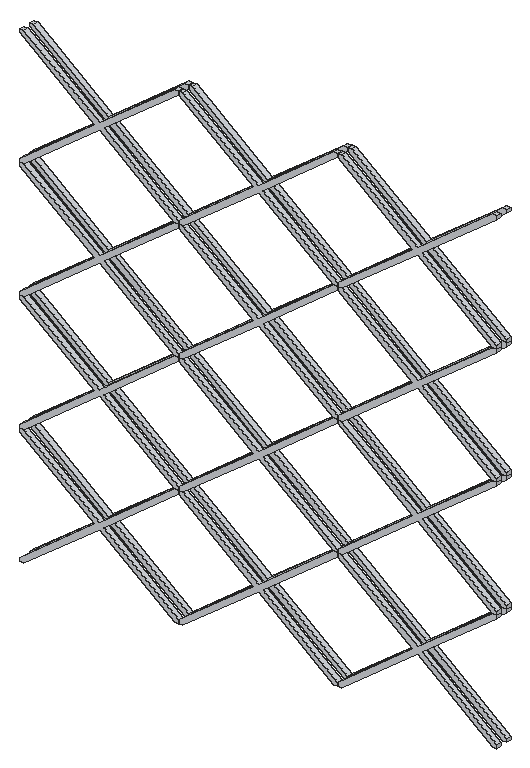
Revit family "7356f2d37eae4a7a83c2f3aff6fb93e5", category Generic Models, Revit 2021
Family settings
  Can host rebar = No
  Round Connector Dimension = Use Diameter
  Part Type = Normal
  Work Plane-Based = No
  Always vertical = Yes
  Cut with Voids When Loaded = No
  Shared = Yes
  Room Calculation Point = No
Parameters
  Width [instance] = 4' - 0"
  Thickness = 0' - 0 1/2"
  Height [instance] = 4' - 0"
  Interior Material [instance] = none
  Exterior Material [instance] = none
  Distance = 0' - 0 3/4"
  Default Elevation = 0' - 0"
Reference planes (in)
  plane 1 "Center (Front/Back)": y = 0
  plane 2: z = 0
  plane 3 "Center (Left/Right)": x = 0
  plane 4: z = 48
  plane 5: x = -24
  plane 6: x = 24
  plane 7: z = 24
  plane 8: x = -8
  plane 9: x = 8
  plane 10: z = 36
  plane 11: z = 12
Dimensions and locks (in)
  equal spacing: plane 6, plane 3 "Center (Left/Right)", plane 5
  "Width": plane 6 to plane 5
  "Height": plane 4 to plane 2
  equal spacing: plane 6, plane 9, plane 8, plane 5
  equal spacing: plane 4, plane 10, plane 7, plane 11, plane 2
  aligned and locked: plane 2 to level
  aligned and locked: plane 1 "Center (Front/Back)" to nested 1
  aligned and locked: plane 1 "Center (Front/Back)" to nested 2
  aligned and locked: plane 1 "Center (Front/Back)" to nested 3
  aligned and locked: plane 8 to nested 3
  aligned and locked: plane 8 to nested 2
  aligned and locked: plane 8 to nested 1
  aligned and locked: plane 5 to nested 1
  aligned and locked: plane 2 to nested 3
  aligned and locked: plane 11 to nested 3
  aligned and locked: plane 5 to nested 3
  aligned and locked: plane 11 to nested 2
  aligned and locked: plane 7 to nested 2
  aligned and locked: plane 5 to nested 2
  aligned and locked: plane 7 to nested 1
  aligned and locked: plane 10 to nested 1
  aligned and locked: plane 8 to nested 4
  aligned and locked: plane 10 to nested 4
  aligned and locked: plane 5 to nested 4
  aligned and locked: plane 4 to nested 4
  aligned and locked: plane 1 "Center (Front/Back)" to nested 4
  aligned and locked: plane 1 "Center (Front/Back)" to nested 8
  aligned and locked: plane 1 "Center (Front/Back)" to nested 12
  aligned and locked: plane 1 "Center (Front/Back)" to nested 5
  aligned and locked: plane 1 "Center (Front/Back)" to nested 9
  aligned and locked: plane 1 "Center (Front/Back)" to nested 6
  aligned and locked: plane 1 "Center (Front/Back)" to nested 10
  aligned and locked: plane 1 "Center (Front/Back)" to nested 7
  aligned and locked: plane 1 "Center (Front/Back)" to nested 11
  aligned and locked: plane 8 to nested 7
  aligned and locked: plane 8 to nested 6
  aligned and locked: plane 8 to nested 5
  aligned and locked: plane 8 to nested 8
  aligned and locked: plane 9 to nested 7
  aligned and locked: plane 9 to nested 6
  aligned and locked: plane 9 to nested 5
  aligned and locked: plane 9 to nested 8
  aligned and locked: plane 9 to nested 11
  aligned and locked: plane 9 to nested 10
  aligned and locked: plane 9 to nested 9
  aligned and locked: plane 9 to nested 12
  aligned and locked: plane 6 to nested 11
  aligned and locked: plane 6 to nested 10
  aligned and locked: plane 6 to nested 9
  aligned and locked: plane 6 to nested 12
  aligned and locked: plane 2 to nested 7
  aligned and locked: plane 2 to nested 11
  aligned and locked: plane 11 to nested 7
  aligned and locked: plane 11 to nested 11
  aligned and locked: plane 11 to nested 6
  aligned and locked: plane 7 to nested 6
  aligned and locked: plane 7 to nested 5
  aligned and locked: plane 10 to nested 8
  aligned and locked: plane 10 to nested 5
  aligned and locked: plane 4 to nested 8
  aligned and locked: plane 11 to nested 10
  aligned and locked: plane 7 to nested 10
  aligned and locked: plane 7 to nested 9
  aligned and locked: plane 10 to nested 12
  aligned and locked: plane 10 to nested 9
  aligned and locked: plane 4 to nested 12
Nested families (in)
  nested 1: "Muntin Pattern_Diamond" at (-16, 0, 24), Exterior Material <- "Exterior Material", Interior Material <- "Interior Material", type "Muntin Pattern_Diamond"
    with W 1' - 4", Interior Material none, H 1' - 0", Exterior Material none
  nested 2: "Muntin Pattern_Diamond" at (-16, 0, 12), Exterior Material <- "Exterior Material", Interior Material <- "Interior Material", type "Muntin Pattern_Diamond"
    with W 1' - 4", Interior Material none, H 1' - 0", Exterior Material none
  nested 3: "Muntin Pattern_Diamond" at (-16, 0, 0), Exterior Material <- "Exterior Material", Interior Material <- "Interior Material", type "Muntin Pattern_Diamond"
    with W 1' - 4", Interior Material none, H 1' - 0", Exterior Material none
  nested 4: "Muntin Pattern_Diamond" at (-16, 0, 36), Exterior Material <- "Exterior Material", Interior Material <- "Interior Material", type "Muntin Pattern_Diamond"
    with W 1' - 4", Interior Material none, H 1' - 0", Exterior Material none
  nested 5: "Muntin Pattern_Diamond" at (0, 0, 24), Exterior Material <- "Exterior Material", Interior Material <- "Interior Material", type "Muntin Pattern_Diamond"
    with W 1' - 4", Interior Material none, H 1' - 0", Exterior Material none
  nested 6: "Muntin Pattern_Diamond" at (0, 0, 12), Exterior Material <- "Exterior Material", Interior Material <- "Interior Material", type "Muntin Pattern_Diamond"
    with W 1' - 4", Interior Material none, H 1' - 0", Exterior Material none
  nested 7: "Muntin Pattern_Diamond" at (0, 0, 0), Exterior Material <- "Exterior Material", Interior Material <- "Interior Material", type "Muntin Pattern_Diamond"
    with W 1' - 4", Interior Material none, H 1' - 0", Exterior Material none
  nested 8: "Muntin Pattern_Diamond" at (0, 0, 36), Exterior Material <- "Exterior Material", Interior Material <- "Interior Material", type "Muntin Pattern_Diamond"
    with W 1' - 4", Interior Material none, H 1' - 0", Exterior Material none
  nested 9: "Muntin Pattern_Diamond" at (16, 0, 24), Exterior Material <- "Exterior Material", Interior Material <- "Interior Material", type "Muntin Pattern_Diamond"
    with W 1' - 4", Interior Material none, H 1' - 0", Exterior Material none
  nested 10: "Muntin Pattern_Diamond" at (16, 0, 12), Exterior Material <- "Exterior Material", Interior Material <- "Interior Material", type "Muntin Pattern_Diamond"
    with W 1' - 4", Interior Material none, H 1' - 0", Exterior Material none
  nested 11: "Muntin Pattern_Diamond" at (16, 0, 0), Exterior Material <- "Exterior Material", Interior Material <- "Interior Material", type "Muntin Pattern_Diamond"
    with W 1' - 4", Interior Material none, H 1' - 0", Exterior Material none
  nested 12: "Muntin Pattern_Diamond" at (16, 0, 36), Exterior Material <- "Exterior Material", Interior Material <- "Interior Material", type "Muntin Pattern_Diamond"
    with W 1' - 4", Interior Material none, H 1' - 0", Exterior Material none
Definition of nested family "Muntin Pattern_Diamond"
  Parameters (values of type "Muntin Pattern_Diamond")
    W [instance] = 4' - 0"
    Thickness = 0' - 0 1/2"
    H [instance] = 4' - 0"
    Interior Material [instance] = none
    Distance = 0' - 0 3/4"
    Exterior Material [instance] = none
    Default Elevation = 0' - 0"
  Reference planes (in)
    plane 1 "Center (Front/Back)": y = 0
    plane 2: z = 0
    plane 3 "Center (Left/Right)": x = 0
    plane 4: z = 48
    plane 5: x = -24
    plane 6: x = 24
    plane 7: z = 24
    plane 8: y = 0.375
    plane 9: y = -0.375
    plane 10: y = 0.875
    plane 11: y = -0.875
  Forms (in)
    Extrusion 1, solid, material <- "Exterior Material", detail levels fine
      sketch origin (-24, 0, 48) x (0.707107, 0, -0.707107) y (0.707107, 0, 0.707107)
        loop
          line (0, 0.25) -> (0, -0.25) -> (67.88225, -0.25) -> (67.88225, 0.25) -> (0, 0.25)
      from -0.875 to -0.375
    Extrusion 2, solid, material <- "Exterior Material", detail levels fine
      sketch origin (24, 0, 48) x (-0.707107, 0, -0.707107) y (0.707107, 0, -0.707107)
        loop
          line (67.88225, 0.25) -> (0, 0.25) -> (0, -0.25) -> (67.88225, -0.25) -> (67.88225, 0.25)
      from -0.875 to -0.375
    Extrusion 3, void
      sketch origin (0, 0, 0) x (1, 0, 0) y (0, 0, 1)
        loop
          line (-24, 48) -> (-24, 0) -> (24, 0) -> (24, 48) -> (-24, 48)
        loop
          line (-24.5, 48.5) -> (-24.5, -0.5) -> (24.5, -0.5) -> (24.5, 48.5) -> (-24.5, 48.5)
      from -0.875 to 0.875
    Extrusion 4, solid, material <- "Interior Material", detail levels fine
      sketch origin (-24, 0, 48) x (0.707107, 0, -0.707107) y (0.707107, 0, 0.707107)
        loop
          line (0, 0.25) -> (0, -0.25) -> (67.88225, -0.25) -> (67.88225, 0.25) -> (0, 0.25)
      from 0.375 to 0.875
    Extrusion 5, solid, material <- "Interior Material", detail levels fine
      sketch origin (24, 0, 48) x (-0.707107, 0, -0.707107) y (0.707107, 0, -0.707107)
        loop
          line (0, -0.25) -> (67.88225, -0.25) -> (67.88225, 0.25) -> (0, 0.25) -> (0, -0.25)
      from 0.375 to 0.875
  Cuts and joins
    Extrusion 3 cuts Extrusion 1
    Extrusion 3 cuts Extrusion 2
    joined: Extrusion 1, Extrusion 2
    Extrusion 3 cuts Extrusion 4
    Extrusion 3 cuts Extrusion 5
    joined: Extrusion 4, Extrusion 5
  Lines and regions (in)
    reference lines
      curve 1: line (-24, 0, 48) -> (24, 0, 0)
      curve 2: line (24, 0, 48) -> (-24, 0, 0)
      curve 3: line (-24, 0, 48) -> (-17.98959, 0, 54.01041)
      curve 4: line (24, 0, 0) -> (31.6014, 0, 7.6014)
      curve 5: line (-21.20495, 0, 44.8514) -> (16.78122, 0, 6.86522)
      curve 6: line (-20.8514, 0, 45.20495) -> (17.13478, 0, 7.21878)
      curve 7: line (24, 0, 48) -> (18.87348, 0, 53.12652)
      curve 8: line (-24, 0, 0) -> (-28.24264, 0, 4.24264)
      curve 9: line (-23.82322, 0, -0.17678) -> (22.31549, 0, 45.96194)
      curve 10: line (-24.17678, 0, 0.17678) -> (21.96194, 0, 46.31549)
    model lines, detail levels medium
      curve 11: line (24, 0.375, 0) -> (-24, 0.375, 48)
      curve 12: line (24, 0.375, 48) -> (-24, 0.375, 0)
      curve 13: line (24, -0.375, 0) -> (-24, -0.375, 48)
      curve 14: line (24, -0.375, 48) -> (-24, -0.375, 0)
  Dimensions and locks (in)
    equal spacing: plane 6, plane 3 "Center (Left/Right)", plane 5
    "W": plane 6 to plane 5
    "H": plane 4 to plane 2
    equal spacing: plane 4, plane 7, plane 2
    equal spacing: curve 5, curve 1, curve 6
    "Thickness": curve 5 to curve 6
    equal spacing: curve 9, curve 2, curve 10
    "Thickness": curve 9 to curve 10
    "Thickness": Extrusion 3 sketch curve to plane 6
    "Thickness": plane 2 to Extrusion 3 sketch curve
    "Thickness": plane 5 to Extrusion 3 sketch curve
    "Thickness": Extrusion 3 sketch curve to plane 4
    "Distance": plane 8 to plane 9
    equal spacing: plane 8, plane 1 "Center (Front/Back)", plane 9
    "Thickness": plane 10 to plane 8
    "Thickness": plane 9 to plane 11
    locked: curve 1 to curve 3 (angle 90.00°)
    locked: curve 4 to curve 1 (angle 90.00°)
    locked: curve 7 to curve 2 (angle 90.00°)
    locked: curve 2 to curve 8 (angle 90.00°)
    aligned and locked: plane 2 to level
    aligned and locked: plane 4 to curve 1
    aligned and locked: plane 5 to curve 1
    aligned and locked: plane 2 to curve 2
    aligned and locked: plane 5 to curve 2
    aligned and locked: plane 6 to curve 1
    aligned and locked: plane 2 to curve 1
    aligned and locked: plane 6 to curve 2
    aligned and locked: plane 4 to curve 2
    aligned and locked: plane 4 to curve 3
    aligned and locked: plane 5 to curve 3
    aligned and locked: plane 6 to curve 4
    aligned and locked: plane 2 to curve 4
    aligned and locked: Extrusion 1 sketch curve to curve 5
    aligned and locked: Extrusion 1 sketch curve to curve 3
    aligned and locked: Extrusion 1 sketch curve to curve 6
    aligned and locked: curve 6 to Extrusion 1 sketch curve
    aligned and locked: curve 5 to Extrusion 1 sketch curve
    aligned and locked: Extrusion 1 sketch curve to curve 4
    aligned and locked: curve 4 to Extrusion 1 sketch curve
    aligned and locked: plane 5 to curve 8
    aligned and locked: plane 2 to curve 8
    aligned and locked: plane 6 to curve 7
    aligned and locked: plane 4 to curve 7
    aligned and locked: Extrusion 2 sketch curve to curve 10  (x2)
    aligned and locked: Extrusion 2 sketch curve to curve 8  (x2)
    aligned and locked: curve 9 to Extrusion 2 sketch curve  (x2)
    aligned and locked: curve 7 to Extrusion 2 sketch curve
    aligned and locked: plane 5 to Extrusion 3 sketch curve
    aligned and locked: Extrusion 3 sketch curve to plane 4
    aligned and locked: Extrusion 3 sketch curve to plane 6
    aligned and locked: plane 2 to Extrusion 3 sketch curve
    aligned and locked: plane 10 to cut or joined group of Extrusion 1, Extrusion 2, Extrusion 3  (x2)
    aligned and locked: cut or joined group of Extrusion 1, Extrusion 2, Extrusion 3 to plane 8  (x2)
    aligned and locked: plane 10 to Extrusion 3
    aligned and locked: Extrusion 3 to plane 11
    aligned and locked: curve 3 to Extrusion 4 sketch curve
    aligned and locked: Extrusion 4 sketch curve to curve 3
    aligned and locked: Extrusion 4 sketch curve to curve 6
    aligned and locked: Extrusion 4 sketch curve to curve 5
    aligned and locked: Extrusion 4 sketch curve to curve 4
    aligned and locked: curve 6 to Extrusion 4 sketch curve
    aligned and locked: curve 5 to Extrusion 4 sketch curve
    aligned and locked: Extrusion 5 sketch curve to curve 9
    aligned and locked: Extrusion 5 sketch curve to curve 10
    aligned and locked: Extrusion 5 sketch curve to curve 7  (x2)
    aligned and locked: Extrusion 5 sketch curve to curve 8  (x2)
    aligned and locked: curve 9 to Extrusion 5 sketch curve
    aligned and locked: curve 10 to Extrusion 5 sketch curve
    aligned and locked: Extrusion 4 to plane 11
    aligned and locked: Extrusion 5 to plane 11
    aligned and locked: plane 9 to Extrusion 4
    aligned and locked: plane 9 to Extrusion 5
    aligned and locked: plane 2 to curve 11
    aligned and locked: plane 6 to curve 11
    aligned and locked: plane 5 to curve 11
    aligned and locked: plane 4 to curve 11
    aligned and locked: plane 5 to curve 12
    aligned and locked: plane 2 to curve 12
    aligned and locked: plane 4 to curve 12
    aligned and locked: plane 6 to curve 12
    aligned and locked: plane 2 to curve 13
    aligned and locked: plane 6 to curve 13
    aligned and locked: plane 4 to curve 14
    aligned and locked: plane 6 to curve 14
    aligned and locked: plane 4 to curve 13
    aligned and locked: plane 5 to curve 13
    aligned and locked: plane 2 to curve 14
    aligned and locked: plane 5 to curve 14
  Automatic sketch dimensions
    curve 1 to curve 6 = 0' - 4.20279"
    curve 1 to curve 5 = 0' - 4.20279"
    curve 5 to curve 1 = 0' - 9.95889"
    curve 6 to curve 5 = 0' - 0"
    curve 2 to curve 9 = 0' - 0"
    curve 2 to curve 9 = 0' - 2.63225"
    curve 2 to curve 10 = 0' - 2.63225"
